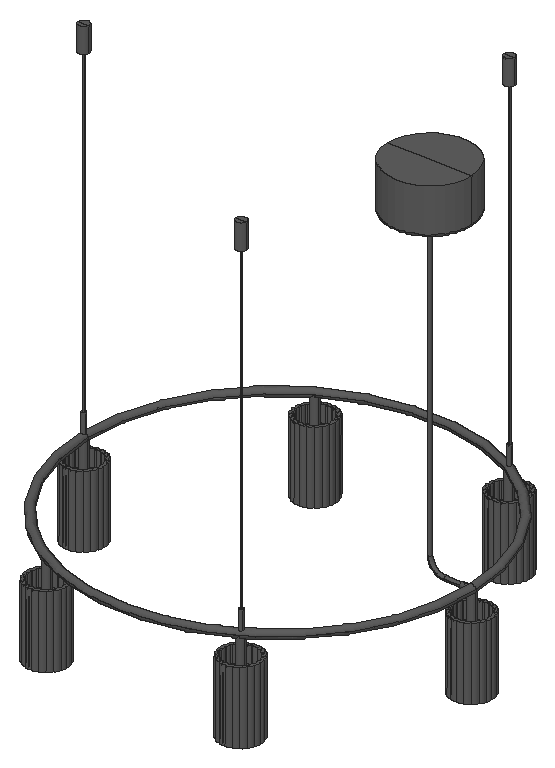
Revit family "Lighting_Pendants_Pholc_Donna_Circle-600", category Lighting Fixtures, host Ceiling, Revit 2017 (continued)
Definition of nested family "Donna_Circle_600"
  Dimensions and locks
    aligned and locked: plane 5 to curve 485
    aligned and locked: plane 7 to curve 485
    aligned and locked: plane 7 to curve 486
    aligned and locked: plane 5 to curve 486
    aligned and locked: plane 5 to Revolve 3  (x2)
    aligned and locked: plane 4 to curve 487
    aligned and locked: curve 496 to plane 6
    aligned and locked: plane 6 to curve 497
    aligned and locked: curve 494 to plane 4
    aligned and locked: plane 4 to Extrusion 9
  Automatic sketch dimensions
    Revolve 5 sketch curve to plane 3 "Center (Left/Right)" = 0 mm
    Revolve 5 sketch curve to plane 7 = 34 mm
    Revolve 5 sketch curve to plane 3 "Center (Left/Right)" = 300 mm
    Revolve 5 sketch curve to plane 7 = 50 mm
    Revolve 5 sketch curve to plane 7 = 20 mm
    Sweep 6 sketch curve to plane 7 = 9 mm
    plane 3 "Center (Left/Right)" to Sweep 6 sketch curve = 235 mm
    Sweep 6 sketch curve to Sweep 6 sketch curve = 25 mm
    Sweep 6 sketch curve to Sweep 6 sketch curve = 30 mm
    plane 1 "Center (Front/Back)" to Sweep 6 sketch curve = 0 mm
    Sweep 6 sketch curve to profile plane = 0 mm
    Revolve 7 sketch curve to plane 7 = 34 mm
    plane 3 "Center (Left/Right)" to Revolve 7 sketch curve = 285 mm
    Revolve 7 sketch curve to Revolve 7 sketch curve = 15 mm
    Revolve 7 sketch curve to Revolve 7 sketch curve = 4.286 mm
    Revolve 7 sketch curve to Revolve 7 sketch curve = 0 mm  (x2)
    Revolve 7 sketch curve to Revolve 7 sketch curve = 3.105 mm
    Sweep 8 sketch curve to plane 3 "Center (Left/Right)" = 0 mm
    curve 1 to curve 60 = 0 mm  (x2)
    curve 1 to curve 117 = 0 mm  (x2)
    curve 1 to curve 508 = 0 mm  (x2)
    curve 1 to curve 234 = 0 mm  (x2)
    curve 1 to curve 235 = 0 mm  (x2)
    curve 1 to curve 237 = 0 mm  (x2)
    curve 1 to curve 239 = 0 mm  (x2)
    curve 2 to curve 59 = 0 mm  (x2)
    curve 2 to curve 118 = 0 mm  (x2)
    curve 2 to curve 119 = 0 mm  (x2)
    curve 2 to curve 233 = 0 mm  (x2)
    curve 2 to curve 236 = 0 mm  (x2)
    curve 2 to curve 238 = 0 mm  (x2)
    curve 2 to curve 240 = 0 mm
    curve 3 to curve 22 = 0 mm  (x2)
    curve 4 to curve 57 = 0 mm  (x2)
    curve 5 to curve 55 = 0 mm  (x2)
    curve 6 to curve 53 = 0 mm  (x2)
    curve 7 to curve 51 = 0 mm  (x2)
    curve 9 to curve 49 = 0 mm  (x2)
    curve 10 to curve 47 = 0 mm  (x2)
    curve 11 to curve 45 = 0 mm  (x2)
    curve 12 to curve 43 = 0 mm  (x2)
    curve 13 to curve 41 = 0 mm  (x2)
    curve 14 to curve 39 = 0 mm  (x2)
    curve 15 to curve 37 = 0 mm  (x2)
    curve 16 to curve 35 = 0 mm  (x2)
    curve 17 to curve 33 = 0 mm  (x2)
    curve 18 to curve 30 = 0 mm  (x2)
    curve 19 to curve 28 = 0 mm  (x2)
    curve 20 to curve 26 = 0 mm  (x2)
    curve 21 to curve 24 = 0 mm  (x2)
    curve 61 to curve 80 = 0 mm  (x2)
    curve 62 to curve 115 = 0 mm  (x2)
    curve 63 to curve 113 = 0 mm  (x2)
    curve 64 to curve 111 = 0 mm  (x2)
    curve 65 to curve 109 = 0 mm  (x2)
    curve 67 to curve 107 = 0 mm  (x2)
    curve 68 to curve 105 = 0 mm  (x2)
    curve 69 to curve 103 = 0 mm  (x2)
    curve 70 to curve 101 = 0 mm  (x2)
    curve 71 to curve 99 = 0 mm  (x2)
    curve 72 to curve 97 = 0 mm  (x2)
    curve 73 to curve 95 = 0 mm  (x2)
    curve 74 to curve 93 = 0 mm  (x2)
    curve 75 to curve 91 = 0 mm  (x2)
    curve 77 to curve 86 = 0 mm  (x2)
    curve 78 to curve 84 = 0 mm  (x2)
    curve 79 to curve 82 = 0 mm  (x2)
    curve 121 to curve 140 = 0 mm  (x2)
    curve 122 to curve 175 = 0 mm  (x2)
    curve 123 to curve 173 = 0 mm  (x2)
    curve 124 to curve 171 = 0 mm  (x2)
    curve 125 to curve 169 = 0 mm  (x2)
    curve 127 to curve 167 = 0 mm  (x2)
    curve 128 to curve 165 = 0 mm  (x2)
    curve 129 to curve 163 = 0 mm  (x2)
    curve 130 to curve 161 = 0 mm  (x2)
    curve 131 to curve 159 = 0 mm  (x2)
    curve 132 to curve 157 = 0 mm  (x2)
    curve 133 to curve 155 = 0 mm  (x2)
    curve 134 to curve 153 = 0 mm  (x2)
    curve 135 to curve 151 = 0 mm  (x2)
    curve 136 to curve 148 = 0 mm  (x2)
    curve 137 to curve 146 = 0 mm  (x2)
    curve 138 to curve 144 = 0 mm  (x2)
    curve 139 to curve 142 = 0 mm  (x2)
    curve 177 to curve 196 = 0 mm  (x2)
    curve 178 to curve 231 = 0 mm  (x2)
    curve 179 to curve 229 = 0 mm  (x2)
    curve 180 to curve 227 = 0 mm  (x2)
    curve 181 to curve 225 = 0 mm  (x2)
    curve 183 to curve 223 = 0 mm  (x2)
    curve 184 to curve 221 = 0 mm  (x2)
    curve 185 to curve 219 = 0 mm  (x2)
    curve 186 to curve 217 = 0 mm  (x2)
    curve 187 to curve 215 = 0 mm  (x2)
    curve 188 to curve 213 = 0 mm  (x2)
    curve 189 to curve 211 = 0 mm  (x2)
    curve 190 to curve 209 = 0 mm  (x2)
    curve 193 to curve 202 = 0 mm  (x2)
    curve 194 to curve 200 = 0 mm  (x2)
    curve 195 to curve 198 = 0 mm  (x2)
    curve 236 to curve 237 = 0 mm
    curve 239 to curve 240 = 0 mm
    curve 241 to curve 290 = 0 mm  (x2)
    curve 242 to curve 288 = 0 mm  (x2)
    curve 243 to curve 286 = 0 mm  (x2)
    curve 244 to curve 284 = 0 mm  (x2)
    curve 245 to curve 282 = 0 mm  (x2)
    curve 246 to curve 280 = 0 mm  (x2)
    curve 247 to curve 278 = 0 mm  (x2)
    curve 248 to curve 276 = 0 mm  (x2)
    curve 250 to curve 274 = 0 mm  (x2)
    curve 251 to curve 272 = 0 mm  (x2)
    curve 252 to curve 270 = 0 mm  (x2)
    curve 253 to curve 268 = 0 mm  (x2)
    curve 254 to curve 266 = 0 mm  (x2)
    curve 255 to curve 264 = 0 mm  (x2)
    curve 256 to curve 262 = 0 mm  (x2)
    curve 257 to curve 296 = 0 mm  (x2)
    curve 259 to curve 294 = 0 mm  (x2)
    curve 260 to curve 292 = 0 mm  (x2)
    curve 297 to curve 321 = 0 mm  (x2)
    curve 298 to curve 319 = 0 mm  (x2)
    curve 299 to curve 317 = 0 mm  (x2)
    curve 300 to curve 315 = 0 mm  (x2)
    curve 301 to curve 313 = 0 mm  (x2)
    curve 302 to curve 311 = 0 mm  (x2)
    curve 303 to curve 309 = 0 mm  (x2)
    curve 304 to curve 307 = 0 mm  (x2)
    curve 305 to curve 325 = 0 mm  (x2)
    curve 306 to curve 323 = 0 mm  (x2)
    plane 1 "Center (Front/Back)" to curve 285 = 0 mm
    plane 1 "Center (Front/Back)" to curve 243 = 0 mm
    plane 1 "Center (Front/Back)" to curve 253 = 0 mm
    plane 1 "Center (Front/Back)" to curve 267 = 0 mm
    plane 1 "Center (Front/Back)" to curve 508 = 0 mm
    curve 508 to plane 3 "Center (Left/Right)" = 0 mm
    plane 1 "Center (Front/Back)" to curve 316 = 0 mm
    plane 1 "Center (Front/Back)" to curve 299 = 0 mm
    plane 11 to curve 152 = 46.716 mm
    plane 10 to curve 34 = 46.716 mm
    curve 154 to curve 152 = 1.468 mm
    curve 150 to curve 152 = 1.468 mm
    curve 32 to curve 34 = 1.468 mm
    curve 36 to curve 34 = 1.468 mm
    curve 153 to curve 154 = 2.679 mm
    curve 17 to curve 32 = 2.679 mm
    curve 151 to curve 150 = 2.679 mm
    curve 16 to curve 34 = 4.148 mm
    curve 31 to curve 32 = 4.261 mm
    curve 149 to curve 150 = 4.261 mm
    curve 156 to curve 154 = 4.261 mm
    curve 38 to curve 36 = 4.261 mm
    curve 133 to curve 156 = 0.949 mm
    curve 15 to curve 38 = 0.949 mm
    curve 132 to curve 156 = 5.762 mm
    curve 14 to curve 38 = 5.762 mm
    curve 18 to curve 31 = 5.762 mm
    curve 136 to curve 149 = 5.762 mm
    curve 29 to curve 30 = 0.875 mm
    curve 40 to curve 14 = 0.875 mm
    curve 158 to curve 132 = 0.875 mm
    curve 147 to curve 148 = 0.875 mm
    curve 41 to curve 40 = 5.751 mm
    curve 146 to curve 147 = 5.751 mm
    curve 19 to curve 29 = 5.751 mm
    curve 159 to curve 158 = 5.751 mm
    curve 27 to curve 28 = 2.612 mm
    curve 42 to curve 13 = 2.612 mm
    curve 145 to curve 146 = 2.612 mm
    curve 160 to curve 159 = 2.612 mm
    curve 138 to curve 145 = 5.176 mm
    curve 130 to curve 160 = 5.176 mm
    curve 43 to curve 42 = 5.176 mm
    curve 20 to curve 27 = 5.176 mm
    curve 44 to curve 43 = 4.095 mm
    curve 25 to curve 26 = 4.095 mm
    curve 143 to curve 144 = 4.095 mm
    curve 162 to curve 130 = 4.095 mm
    curve 24 to curve 25 = 4.095 mm
    curve 142 to curve 143 = 4.095 mm
    curve 11 to curve 44 = 4.095 mm
    curve 129 to curve 162 = 4.095 mm
    curve 46 to curve 45 = 5.176 mm
    curve 23 to curve 21 = 5.176 mm
    curve 141 to curve 139 = 5.176 mm
    curve 164 to curve 129 = 5.176 mm
    curve 121 to curve 141 = 2.612 mm
    curve 3 to curve 23 = 2.612 mm
    curve 165 to curve 164 = 2.612 mm
    curve 47 to curve 46 = 2.612 mm
    curve 58 to curve 22 = 5.751 mm
    curve 166 to curve 128 = 5.751 mm
    curve 48 to curve 10 = 5.751 mm
    curve 176 to curve 121 = 5.751 mm
    curve 9 to curve 48 = 0.875 mm
    curve 175 to curve 176 = 0.875 mm
    curve 167 to curve 166 = 0.875 mm
    curve 57 to curve 58 = 0.875 mm
    curve 5 to curve 4 = 4.813 mm
    curve 173 to curve 175 = 4.813 mm
    curve 8 to curve 9 = 4.813 mm
    curve 126 to curve 127 = 4.813 mm
    curve 56 to curve 55 = 0.949 mm
    curve 174 to curve 123 = 0.949 mm
    curve 7 to curve 8 = 2.531 mm
    curve 169 to curve 126 = 2.531 mm
    curve 124 to curve 169 = 0 mm
    curve 6 to curve 51 = 0 mm
    curve 50 to curve 7 = 2.679 mm
    curve 168 to curve 125 = 2.679 mm
    curve 172 to curve 171 = 2.679 mm
    curve 54 to curve 55 = 5.21 mm
    curve 52 to curve 6 = 4.148 mm
    curve 170 to curve 124 = 4.148 mm
    curve 269 to curve 267 = 1.468 mm
    curve 265 to curve 267 = 1.468 mm
    curve 266 to curve 265 = 2.679 mm
    curve 253 to curve 267 = 4.148 mm
    curve 263 to curve 265 = 4.261 mm
    curve 271 to curve 269 = 4.261 mm
    curve 255 to curve 265 = 5.21 mm
    curve 252 to curve 269 = 5.21 mm
    curve 272 to curve 271 = 5.762 mm
    curve 256 to curve 263 = 5.762 mm
    curve 273 to curve 251 = 0.875 mm
    curve 261 to curve 256 = 0.875 mm
    curve 274 to curve 273 = 5.751 mm
    curve 257 to curve 261 = 5.751 mm
    curve 275 to curve 274 = 2.612 mm
    curve 295 to curve 257 = 2.612 mm
    curve 249 to curve 275 = 5.176 mm
    curve 258 to curve 295 = 5.176 mm
    curve 259 to curve 258 = 8.189 mm
    curve 248 to curve 249 = 8.189 mm
    curve 277 to curve 248 = 5.176 mm
    curve 293 to curve 259 = 5.176 mm
    curve 292 to curve 293 = 2.612 mm
    curve 278 to curve 277 = 2.612 mm
    curve 291 to curve 260 = 5.751 mm
    curve 279 to curve 247 = 5.751 mm
    curve 246 to curve 279 = 0.875 mm
    curve 241 to curve 291 = 0.875 mm
    curve 282 to curve 246 = 4.813 mm
    curve 288 to curve 241 = 4.813 mm
    curve 289 to curve 242 = 0.949 mm
    curve 281 to curve 245 = 0.949 mm
    curve 243 to plane 8 = 5.828 mm
    plane 1 "Center (Front/Back)" to curve 244 = 4.095 mm
    curve 244 to plane 8 = 5.828 mm
    curve 287 to plane 8 = 3.149 mm
    curve 283 to plane 8 = 3.149 mm
    curve 285 to plane 8 = 1.681 mm
    curve 208 to curve 210 = 1.468 mm
    curve 92 to curve 94 = 1.468 mm
    curve 92 to curve 90 = 1.468 mm
    curve 208 to curve 206 = 1.468 mm
    curve 206 to curve 191 = 2.679 mm
    curve 94 to curve 93 = 2.679 mm
    curve 92 to curve 75 = 4.148 mm
    curve 208 to curve 190 = 4.148 mm
    curve 206 to curve 205 = 4.261 mm
    curve 94 to curve 96 = 4.261 mm
    curve 90 to curve 89 = 4.261 mm
    curve 210 to curve 212 = 4.261 mm
    curve 212 to curve 211 = 0.949 mm
    curve 94 to curve 73 = 5.21 mm
    curve 96 to curve 97 = 5.762 mm
    curve 89 to curve 88 = 5.762 mm
    curve 205 to curve 192 = 5.762 mm
    curve 212 to curve 213 = 5.762 mm
    curve 192 to curve 203 = 0.875 mm
    curve 88 to curve 87 = 0.875 mm
    curve 213 to curve 214 = 0.875 mm
    curve 97 to curve 98 = 0.875 mm
    curve 98 to curve 99 = 5.751 mm
    curve 214 to curve 215 = 5.751 mm
    curve 203 to curve 193 = 5.751 mm
    curve 87 to curve 77 = 5.751 mm
    curve 86 to curve 85 = 2.612 mm
    curve 71 to curve 100 = 2.612 mm
    curve 193 to curve 201 = 2.612 mm
    curve 215 to curve 216 = 2.612 mm
    curve 216 to curve 217 = 5.176 mm
    curve 100 to curve 70 = 5.176 mm
    curve 201 to curve 194 = 5.176 mm
    curve 85 to curve 78 = 5.176 mm
    curve 194 to curve 199 = 4.095 mm
    curve 70 to curve 102 = 4.095 mm
    curve 186 to curve 218 = 4.095 mm
    curve 84 to curve 83 = 4.095 mm
    curve 102 to curve 103 = 4.095 mm
    curve 83 to curve 82 = 4.095 mm
    curve 199 to curve 198 = 4.095 mm
    curve 218 to curve 219 = 4.095 mm
    curve 79 to curve 81 = 5.176 mm
    curve 195 to curve 197 = 5.176 mm
    curve 103 to curve 104 = 5.176 mm
    curve 219 to curve 220 = 5.176 mm
    curve 220 to curve 184 = 2.612 mm
    curve 197 to curve 177 = 2.612 mm
    curve 104 to curve 68 = 2.612 mm
    curve 81 to curve 61 = 2.612 mm
    curve 177 to curve 232 = 5.751 mm
    curve 61 to curve 116 = 5.751 mm
    curve 105 to curve 106 = 5.751 mm
    curve 221 to curve 222 = 5.751 mm
    curve 232 to curve 178 = 0.875 mm
    curve 222 to curve 183 = 0.875 mm
    curve 116 to curve 62 = 0.875 mm
    curve 106 to curve 107 = 0.875 mm
    curve 183 to curve 182 = 4.813 mm
    curve 107 to curve 66 = 4.813 mm
    curve 115 to curve 63 = 4.813 mm
    curve 178 to curve 229 = 4.813 mm
    curve 115 to curve 114 = 5.762 mm
    curve 178 to curve 230 = 5.762 mm
    curve 182 to curve 225 = 2.531 mm
    curve 63 to curve 64 = 2.531 mm
    curve 180 to curve 181 = 0 mm
    curve 66 to curve 65 = 2.531 mm
    curve 66 to curve 108 = 5.21 mm
    curve 180 to curve 228 = 2.679 mm
    curve 111 to curve 112 = 2.679 mm
    curve 182 to curve 224 = 5.21 mm
    curve 65 to curve 110 = 4.148 mm
    curve 180 to curve 226 = 4.148 mm
    curve 305 to curve 324 = 5.176 mm
    curve 304 to curve 308 = 5.176 mm
    curve 308 to curve 309 = 2.612 mm
    curve 324 to curve 323 = 2.612 mm
    curve 306 to curve 322 = 5.751 mm
    curve 303 to curve 310 = 5.751 mm
    curve 310 to curve 302 = 0.875 mm
    curve 322 to curve 297 = 0.875 mm
    curve 297 to curve 298 = 4.813 mm
    curve 302 to curve 313 = 4.813 mm
    curve 297 to curve 320 = 5.762 mm
    curve 302 to curve 312 = 5.762 mm
    curve 317 to plane 9 = 5.828 mm
    plane 1 "Center (Front/Back)" to curve 300 = 4.095 mm
    curve 300 to plane 9 = 5.828 mm
    curve 318 to plane 9 = 3.149 mm
    curve 314 to plane 9 = 3.149 mm
    curve 316 to plane 9 = 1.681 mm
    plane 11 to curve 226 = 46.716 mm
    plane 11 to curve 170 = 46.716 mm
    curve 207 to curve 208 = 4.095 mm
    curve 135 to curve 152 = 4.095 mm
    curve 171 to curve 170 = 4.095 mm
    curve 180 to curve 226 = 4.095 mm
    curve 228 to curve 180 = 5.176 mm
    curve 172 to curve 171 = 5.176 mm
    curve 206 to curve 191 = 5.176 mm
    curve 150 to curve 151 = 5.176 mm
    curve 179 to curve 228 = 2.612 mm
    curve 173 to curve 172 = 2.612 mm
    curve 230 to curve 179 = 5.751 mm
    curve 205 to curve 206 = 8.363 mm
    curve 174 to curve 123 = 5.751 mm
    curve 149 to curve 150 = 8.363 mm
    curve 148 to curve 149 = 0.875 mm
    curve 192 to curve 205 = 0.875 mm
    curve 175 to curve 174 = 0.875 mm
    curve 178 to curve 230 = 0.875 mm
    curve 140 to curve 122 = 4.813 mm
    curve 137 to curve 148 = 4.813 mm
    curve 177 to curve 231 = 4.813 mm
    curve 193 to curve 204 = 4.813 mm
    curve 203 to curve 202 = 0.949 mm
    curve 176 to curve 122 = 5.762 mm
    curve 147 to curve 137 = 0.949 mm
    curve 232 to curve 177 = 0.949 mm
    curve 144 to curve 146 = 2.531 mm
    curve 195 to curve 177 = 2.531 mm
    curve 200 to curve 193 = 2.531 mm
    curve 139 to curve 121 = 2.531 mm
    curve 141 to curve 121 = 5.21 mm
    curve 145 to curve 138 = 2.679 mm
    curve 201 to curve 193 = 5.21 mm
    curve 197 to curve 195 = 2.679 mm
    curve 143 to curve 144 = 4.148 mm
    curve 199 to curve 195 = 4.148 mm
    curve 208 to curve 190 = 4.095 mm
    curve 170 to curve 125 = 4.095 mm
    curve 152 to curve 134 = 4.095 mm
    curve 226 to curve 225 = 4.095 mm
    curve 125 to curve 168 = 5.176 mm
    curve 134 to curve 154 = 5.176 mm
    curve 181 to curve 224 = 5.176 mm
    curve 209 to curve 210 = 5.176 mm
    curve 154 to curve 133 = 2.612 mm
    curve 168 to curve 126 = 2.612 mm
    curve 210 to curve 211 = 2.612 mm
    curve 224 to curve 182 = 2.612 mm
    curve 155 to curve 156 = 5.751 mm
    curve 211 to curve 212 = 5.751 mm
    curve 126 to curve 127 = 6.625 mm
    curve 212 to curve 188 = 0.875 mm
    curve 182 to curve 183 = 6.625 mm
    curve 156 to curve 157 = 0.875 mm
    curve 223 to curve 221 = 4.813 mm
    curve 132 to curve 131 = 4.813 mm
    curve 213 to curve 215 = 4.813 mm
    curve 167 to curve 165 = 4.813 mm
    curve 223 to curve 222 = 5.762 mm
    curve 167 to curve 166 = 5.762 mm
    curve 132 to curve 158 = 5.762 mm
    curve 213 to curve 214 = 5.762 mm
    curve 187 to curve 186 = 2.531 mm
    curve 186 to curve 185 = 0 mm
    curve 159 to curve 161 = 2.531 mm
    curve 129 to curve 130 = 0 mm
    curve 219 to curve 220 = 2.679 mm
    curve 159 to curve 160 = 5.21 mm
    curve 128 to curve 164 = 5.21 mm
    curve 215 to curve 216 = 5.21 mm
    curve 185 to curve 218 = 4.148 mm
    curve 129 to curve 162 = 4.148 mm
    plane 1 "Center (Front/Back)" to curve 277 = 28.532 mm
    curve 277 to curve 275 = 0 mm
    curve 275 to curve 249 = 2.679 mm
    curve 308 to curve 307 = 2.679 mm
    curve 277 to curve 276 = 2.679 mm
    curve 277 to curve 279 = 4.261 mm
    curve 308 to curve 310 = 4.261 mm
    curve 275 to curve 273 = 4.261 mm
    curve 308 to curve 303 = 5.21 mm
    curve 277 to curve 247 = 5.21 mm
    curve 273 to curve 274 = 0.949 mm
    curve 273 to curve 272 = 5.762 mm
    curve 310 to curve 311 = 5.762 mm
    curve 279 to curve 280 = 5.762 mm
    curve 311 to curve 312 = 0.875 mm
    curve 272 to curve 271 = 0.875 mm
    curve 246 to curve 281 = 0.875 mm
    curve 281 to curve 282 = 5.751 mm
    curve 312 to curve 313 = 5.751 mm
    curve 271 to curve 252 = 5.751 mm
    curve 301 to curve 314 = 2.612 mm
    curve 270 to curve 269 = 2.612 mm
    curve 283 to curve 244 = 5.176 mm
    plane 1 "Center (Front/Back)" to curve 253 = 4.095 mm
    curve 299 to plane 1 "Center (Front/Back)" = 4.095 mm
    curve 266 to plane 1 "Center (Front/Back)" = 4.095 mm
    curve 243 to plane 1 "Center (Front/Back)" = 4.095 mm
    curve 299 to curve 318 = 5.176 mm
    curve 266 to curve 265 = 5.176 mm
    curve 243 to curve 287 = 5.176 mm
    curve 287 to curve 288 = 2.612 mm
    curve 318 to curve 319 = 2.612 mm
    curve 265 to curve 255 = 2.612 mm
    curve 298 to curve 320 = 5.751 mm
    curve 264 to curve 263 = 5.751 mm
    curve 242 to curve 289 = 5.751 mm
    curve 289 to curve 290 = 0.875 mm
    curve 320 to curve 321 = 0.875 mm
    curve 263 to curve 256 = 0.875 mm
    curve 256 to curve 257 = 4.813 mm
    curve 241 to curve 292 = 4.813 mm
    curve 297 to curve 323 = 4.813 mm
    curve 306 to curve 322 = 0.949 mm
    curve 257 to curve 261 = 0.949 mm
    curve 241 to curve 291 = 5.762 mm
    curve 260 to curve 259 = 2.531 mm
    curve 306 to curve 305 = 2.531 mm
    curve 294 to curve 258 = 0 mm
    curve 257 to curve 295 = 5.21 mm
    curve 260 to curve 293 = 5.21 mm
    curve 305 to curve 324 = 2.679 mm
    curve 44 to curve 34 = 30 mm
    curve 102 to curve 92 = 30 mm
    curve 102 to curve 100 = 1.468 mm
    curve 44 to curve 42 = 1.468 mm
    curve 44 to curve 46 = 1.468 mm
    curve 102 to curve 104 = 1.468 mm
    curve 44 to curve 43 = 4.148 mm
    curve 44 to curve 45 = 4.148 mm
    curve 102 to curve 70 = 4.148 mm
    curve 102 to curve 69 = 4.148 mm
    curve 46 to curve 48 = 4.261 mm
    curve 42 to curve 40 = 4.261 mm
    curve 100 to curve 98 = 4.261 mm
    curve 104 to curve 106 = 4.261 mm
    curve 98 to curve 99 = 0.949 mm
    curve 104 to curve 68 = 5.21 mm
    curve 46 to curve 47 = 5.21 mm
    curve 42 to curve 13 = 5.21 mm
    curve 40 to curve 39 = 5.762 mm
    curve 48 to curve 49 = 5.762 mm
    curve 106 to curve 107 = 5.762 mm
    curve 98 to curve 97 = 5.762 mm
    curve 14 to curve 38 = 0.875 mm
    curve 72 to curve 96 = 0.875 mm
    curve 9 to curve 8 = 6.625 mm
    curve 96 to curve 73 = 5.751 mm
    curve 38 to curve 37 = 5.751 mm
    curve 107 to curve 66 = 6.625 mm
    curve 8 to curve 50 = 2.612 mm
    curve 37 to curve 36 = 2.612 mm
    curve 66 to curve 108 = 2.612 mm
    curve 73 to curve 94 = 2.612 mm
    curve 50 to curve 51 = 5.176 mm
    curve 108 to curve 109 = 5.176 mm
    curve 94 to curve 74 = 5.176 mm
    curve 35 to curve 34 = 4.095 mm
    curve 51 to curve 52 = 4.095 mm
    curve 65 to curve 110 = 4.095 mm
    curve 34 to curve 17 = 4.095 mm
    curve 110 to curve 64 = 4.095 mm
    curve 52 to curve 53 = 4.095 mm
    curve 92 to curve 75 = 4.095 mm
    curve 91 to curve 90 = 5.176 mm
    curve 53 to curve 54 = 5.176 mm
    curve 17 to curve 32 = 5.176 mm
    curve 111 to curve 112 = 5.176 mm
    curve 112 to curve 113 = 2.612 mm
    curve 54 to curve 55 = 2.612 mm
    curve 55 to curve 56 = 5.751 mm
    curve 113 to curve 114 = 5.751 mm
    curve 90 to curve 89 = 8.363 mm
    curve 32 to curve 31 = 8.363 mm
    curve 56 to curve 4 = 0.875 mm
    curve 31 to curve 30 = 0.875 mm
    curve 114 to curve 115 = 0.875 mm
    curve 89 to curve 76 = 0.875 mm
    curve 4 to curve 3 = 4.813 mm
    curve 30 to curve 19 = 4.813 mm
    curve 62 to curve 80 = 4.813 mm
    curve 88 to curve 86 = 4.813 mm
    curve 62 to curve 116 = 5.762 mm
    curve 19 to curve 29 = 0.949 mm
    curve 77 to curve 87 = 0.949 mm
    curve 4 to curve 58 = 5.762 mm
    curve 86 to curve 78 = 2.531 mm
    curve 84 to curve 79 = 0 mm
    curve 3 to curve 21 = 2.531 mm
    curve 28 to curve 20 = 2.531 mm
    curve 20 to curve 27 = 2.679 mm
    curve 3 to curve 23 = 5.21 mm
    curve 79 to curve 81 = 2.679 mm
    curve 78 to curve 85 = 2.679 mm
    curve 79 to curve 83 = 4.148 mm
    curve 21 to curve 25 = 4.148 mm
    curve 17 to curve 34 = 0 mm
    curve 135 to curve 152 = 0 mm
    curve 150 to curve 135 = 0.729 mm
    curve 32 to curve 118 = 0.729 mm
    curve 15 to curve 36 = 0 mm
    curve 133 to curve 154 = 0 mm
    curve 16 to curve 35 = 1.301 mm
    curve 135 to curve 151 = 1.301 mm
    curve 134 to curve 152 = 1.301 mm
    curve 34 to curve 35 = 0 mm
    curve 33 to curve 34 = 0 mm
    curve 153 to curve 152 = 0 mm
    curve 150 to curve 151 = 0 mm
    curve 36 to curve 35 = 0 mm
    curve 154 to curve 153 = 0 mm
    curve 32 to curve 33 = 0 mm
    curve 32 to curve 33 = 1.442 mm
    curve 37 to curve 36 = 0 mm
    curve 155 to curve 154 = 0 mm
    curve 133 to curve 156 = 0 mm
    curve 15 to curve 38 = 0 mm
    curve 234 to curve 149 = 0.059 mm
    curve 60 to curve 31 = 0.059 mm
    curve 156 to curve 155 = 0 mm
    curve 38 to curve 37 = 0 mm
    curve 39 to curve 38 = 0 mm
    curve 136 to curve 149 = 1.808 mm
    curve 18 to curve 30 = 1.808 mm
    curve 148 to curve 149 = 0 mm
    curve 157 to curve 156 = 0 mm
    curve 31 to curve 30 = 0 mm
    curve 149 to curve 148 = 0.036 mm
    curve 29 to curve 30 = 0 mm
    curve 147 to curve 148 = 0 mm
    curve 158 to curve 157 = 0 mm
    curve 40 to curve 39 = 0 mm
    curve 132 to curve 158 = 0 mm
    curve 14 to curve 40 = 0 mm
    curve 19 to curve 29 = 0 mm
    curve 136 to curve 147 = 0 mm
    curve 146 to curve 147 = 0 mm
    curve 28 to curve 29 = 0 mm
    curve 159 to curve 158 = 0 mm
    curve 41 to curve 40 = 0 mm
    curve 145 to curve 146 = 0 mm
    curve 42 to curve 41 = 0 mm
    curve 27 to curve 28 = 0 mm
    curve 160 to curve 159 = 0 mm
    curve 19 to curve 27 = 0 mm
    curve 12 to curve 42 = 0 mm
    curve 138 to curve 145 = 0 mm
    curve 130 to curve 160 = 0 mm
    curve 144 to curve 145 = 0 mm
    curve 43 to curve 42 = 0 mm
    curve 161 to curve 160 = 0 mm
    curve 26 to curve 27 = 0 mm
    curve 162 to curve 161 = 0 mm
    curve 25 to curve 26 = 0 mm
    curve 143 to curve 144 = 0 mm
    curve 44 to curve 43 = 0 mm
    curve 12 to curve 44 = 0 mm
    curve 21 to curve 25 = 0 mm
    curve 129 to curve 162 = 0 mm
    curve 138 to curve 143 = 0 mm
    curve 142 to curve 143 = 0 mm
    curve 45 to curve 44 = 0 mm
    curve 163 to curve 162 = 0 mm
    curve 24 to curve 25 = 0 mm
    curve 141 to curve 142 = 0 mm
    curve 164 to curve 163 = 0 mm
    curve 23 to curve 24 = 0 mm
    curve 46 to curve 45 = 0 mm
    curve 21 to curve 23 = 0 mm
    curve 121 to curve 141 = 0 mm
    curve 128 to curve 164 = 0 mm
    curve 11 to curve 46 = 0 mm
    curve 47 to curve 46 = 0 mm
    curve 140 to curve 141 = 0 mm
    curve 165 to curve 164 = 0 mm
    curve 22 to curve 23 = 0 mm
    curve 166 to curve 165 = 0 mm
    curve 58 to curve 22 = 0 mm
    curve 48 to curve 47 = 0 mm
    curve 176 to curve 140 = 0 mm
    curve 128 to curve 166 = 0 mm
    curve 121 to curve 176 = 0 mm
    curve 9 to curve 48 = 0 mm
    curve 3 to curve 58 = 0 mm
    curve 57 to curve 58 = 0 mm
    curve 49 to curve 48 = 0 mm
    curve 175 to curve 176 = 0 mm
    curve 167 to curve 166 = 0 mm
    curve 56 to curve 57 = 0 mm
    curve 174 to curve 175 = 0 mm
    curve 173 to curve 174 = 0 mm
    curve 55 to curve 56 = 0 mm
    curve 123 to curve 174 = 0 mm
    curve 5 to curve 56 = 0 mm
    curve 50 to curve 50 = 3.797 mm
    curve 168 to curve 168 = 3.797 mm
    curve 172 to curve 173 = 0 mm
    curve 54 to curve 55 = 0 mm
    curve 53 to curve 54 = 0 mm
    curve 171 to curve 172 = 0 mm
    curve 169 to curve 168 = 0 mm
    curve 51 to curve 50 = 0 mm
    curve 170 to curve 169 = 0 mm
    curve 52 to curve 53 = 0 mm
    curve 124 to curve 172 = 0 mm
    curve 5 to curve 54 = 0 mm
    curve 125 to curve 168 = 0 mm
    curve 7 to curve 50 = 0 mm
    curve 60 to curve 7 = 0.566 mm
    curve 126 to curve 125 = 0.566 mm
    curve 254 to curve 267 = 0 mm
    curve 253 to curve 269 = 0 mm
    curve 255 to curve 265 = 0 mm
    curve 268 to curve 267 = 1.301 mm
    curve 266 to curve 267 = 0 mm
    curve 268 to curve 267 = 0 mm
    curve 265 to curve 266 = 0 mm
    curve 269 to curve 268 = 0 mm
    curve 270 to curve 269 = 0 mm
    curve 264 to curve 265 = 0 mm
    curve 255 to curve 263 = 0 mm
    curve 252 to curve 271 = 0 mm
    curve 263 to curve 264 = 0 mm
    curve 271 to curve 270 = 0 mm
    curve 262 to curve 263 = 0 mm
    curve 272 to curve 271 = 0 mm
    curve 273 to curve 272 = 0 mm
    curve 261 to curve 262 = 0 mm
    curve 256 to curve 261 = 0 mm
    curve 250 to curve 273 = 0 mm
    curve 296 to curve 261 = 0 mm
    curve 274 to curve 273 = 0 mm
    curve 295 to curve 296 = 0 mm
    curve 275 to curve 274 = 0 mm
    curve 249 to curve 275 = 0 mm
    curve 258 to curve 295 = 0 mm
    curve 259 to curve 294 = 0.262 mm
    curve 248 to curve 248 = 0.262 mm
    curve 276 to curve 248 = 0.662 mm
    curve 294 to curve 259 = 0.662 mm
    curve 277 to curve 276 = 0 mm
    curve 293 to curve 294 = 0 mm
    curve 248 to curve 277 = 0 mm
    curve 259 to curve 293 = 0 mm
    curve 278 to curve 277 = 0 mm
    curve 292 to curve 293 = 0 mm
    curve 279 to curve 278 = 0 mm
    curve 291 to curve 292 = 0 mm
    curve 241 to curve 291 = 0 mm
    curve 246 to curve 279 = 0 mm
    curve 280 to curve 279 = 0 mm
    curve 290 to curve 291 = 0 mm
    curve 281 to curve 280 = 0 mm
    curve 289 to curve 290 = 0 mm
    curve 288 to curve 289 = 0 mm
    curve 282 to curve 281 = 0 mm
    curve 241 to curve 289 = 0 mm
    curve 245 to curve 281 = 0 mm
    curve 287 to curve 288 = 0 mm
    curve 283 to curve 282 = 0 mm
    curve 284 to curve 283 = 0 mm
    curve 286 to curve 287 = 0 mm
    curve 285 to curve 286 = 0 mm
    curve 242 to curve 287 = 0 mm
    curve 191 to curve 208 = 0 mm
    curve 75 to curve 92 = 0 mm
    curve 236 to curve 206 = 0.729 mm
    curve 75 to curve 90 = 0.729 mm
    curve 189 to curve 210 = 0 mm
    curve 73 to curve 94 = 0 mm
    curve 207 to curve 191 = 1.301 mm
    curve 208 to curve 207 = 0 mm
    curve 92 to curve 75 = 1.301 mm
    curve 93 to curve 92 = 0 mm
    curve 209 to curve 208 = 0 mm
    curve 91 to curve 92 = 0 mm
    curve 210 to curve 209 = 0 mm
    curve 90 to curve 91 = 0 mm
    curve 206 to curve 207 = 0 mm
    curve 94 to curve 93 = 0 mm
    curve 211 to curve 210 = 0 mm
    curve 95 to curve 94 = 0 mm
    curve 72 to curve 96 = 0 mm
    curve 188 to curve 212 = 0 mm
    curve 89 to curve 117 = 0.059 mm
    curve 205 to curve 235 = 0.059 mm
    curve 96 to curve 95 = 0 mm
    curve 212 to curve 211 = 0 mm
    curve 213 to curve 212 = 0 mm
    curve 97 to curve 96 = 0 mm
    curve 204 to curve 192 = 1.808 mm
    curve 89 to curve 76 = 1.808 mm
    curve 88 to curve 89 = 0 mm
    curve 205 to curve 204 = 0 mm
    curve 98 to curve 97 = 0 mm
    curve 203 to curve 204 = 0 mm
    curve 214 to curve 213 = 0 mm
    curve 87 to curve 88 = 0 mm
    curve 193 to curve 203 = 0 mm
    curve 72 to curve 98 = 0 mm
    curve 76 to curve 87 = 0 mm
    curve 187 to curve 214 = 0 mm
    curve 215 to curve 214 = 0 mm
    curve 86 to curve 87 = 0 mm
    curve 202 to curve 203 = 0 mm
    curve 99 to curve 98 = 0 mm
    curve 216 to curve 215 = 0 mm
    curve 201 to curve 202 = 0 mm
    curve 100 to curve 99 = 0 mm
    curve 85 to curve 86 = 0 mm
    curve 194 to curve 201 = 0 mm
    curve 187 to curve 216 = 0 mm
    curve 71 to curve 100 = 0 mm
    curve 77 to curve 85 = 0 mm
    curve 101 to curve 100 = 0 mm
    curve 217 to curve 216 = 0 mm
    curve 200 to curve 201 = 0 mm
    curve 84 to curve 85 = 0 mm
    curve 218 to curve 217 = 0 mm
    curve 83 to curve 84 = 0 mm
    curve 199 to curve 200 = 0 mm
    curve 102 to curve 101 = 0 mm
    curve 70 to curve 102 = 0 mm
    curve 78 to curve 83 = 0 mm
    curve 194 to curve 199 = 0 mm
    curve 186 to curve 218 = 0 mm
    curve 82 to curve 83 = 0 mm
    curve 219 to curve 218 = 0 mm
    curve 198 to curve 199 = 0 mm
    curve 103 to curve 102 = 0 mm
    curve 104 to curve 103 = 0 mm
    curve 81 to curve 82 = 0 mm
    curve 220 to curve 219 = 0 mm
    curve 197 to curve 198 = 0 mm
    curve 184 to curve 220 = 0 mm
    curve 177 to curve 197 = 0 mm
    curve 79 to curve 81 = 0 mm
    curve 69 to curve 104 = 0 mm
    curve 80 to curve 81 = 0 mm
    curve 221 to curve 220 = 0 mm
    curve 105 to curve 104 = 0 mm
    curve 196 to curve 197 = 0 mm
    curve 116 to curve 80 = 0 mm
    curve 106 to curve 105 = 0 mm
    curve 222 to curve 221 = 0 mm
    curve 232 to curve 196 = 0 mm
    curve 62 to curve 116 = 0 mm
    curve 183 to curve 222 = 0 mm
    curve 177 to curve 232 = 0 mm
    curve 67 to curve 106 = 0 mm
    curve 107 to curve 106 = 0 mm
    curve 115 to curve 116 = 0 mm
    curve 231 to curve 232 = 0 mm
    curve 223 to curve 222 = 0 mm
    curve 230 to curve 231 = 0 mm
    curve 114 to curve 115 = 0 mm
    curve 113 to curve 114 = 0 mm
    curve 229 to curve 230 = 0 mm
    curve 178 to curve 230 = 0 mm
    curve 63 to curve 114 = 0 mm
    curve 108 to curve 108 = 3.797 mm
    curve 224 to curve 224 = 3.797 mm
    curve 228 to curve 229 = 0 mm
    curve 112 to curve 113 = 0 mm
    curve 227 to curve 228 = 0 mm
    curve 225 to curve 224 = 0 mm
    curve 111 to curve 112 = 0 mm
    curve 109 to curve 108 = 0 mm
    curve 110 to curve 109 = 0 mm
    curve 226 to curve 225 = 0 mm
    curve 64 to curve 112 = 0 mm
    curve 182 to curve 224 = 0 mm
    curve 179 to curve 228 = 0 mm
    curve 66 to curve 108 = 0 mm
    curve 65 to curve 330 = 0.566 mm
    curve 224 to curve 507 = 0.566 mm
    curve 304 to curve 304 = 0.262 mm
    curve 305 to curve 305 = 0.262 mm
    curve 304 to curve 307 = 0.662 mm
    curve 305 to curve 325 = 0.662 mm
    curve 308 to curve 307 = 0 mm
    curve 324 to curve 325 = 0 mm
    curve 306 to curve 324 = 0 mm
    curve 304 to curve 308 = 0 mm
    curve 309 to curve 308 = 0 mm
    curve 323 to curve 324 = 0 mm
    curve 322 to curve 323 = 0 mm
    curve 310 to curve 309 = 0 mm
    curve 302 to curve 310 = 0 mm
    curve 297 to curve 322 = 0 mm
    curve 311 to curve 310 = 0 mm
    curve 321 to curve 322 = 0 mm
    curve 320 to curve 321 = 0 mm
    curve 312 to curve 311 = 0 mm
    curve 319 to curve 320 = 0 mm
    curve 313 to curve 312 = 0 mm
    curve 298 to curve 320 = 0 mm
    curve 302 to curve 312 = 0 mm
    curve 318 to curve 319 = 0 mm
    curve 314 to curve 313 = 0 mm
    curve 315 to curve 314 = 0 mm
    curve 317 to curve 318 = 0 mm
    curve 316 to curve 315 = 0 mm
    curve 300 to curve 314 = 0 mm
    curve 1 to curve 326 = 0 mm  (x2)
    curve 1 to curve 2 = 0 mm
    curve 1 to curve 327 = 0 mm  (x2)
    curve 1 to curve 328 = 0 mm  (x2)
    curve 1 to curve 329 = 0 mm  (x2)
    curve 1 to curve 330 = 0 mm  (x2)
    curve 1 to curve 331 = 0 mm  (x2)
    curve 1 to curve 332 = 0 mm  (x2)
    plane 1 "Center (Front/Back)" to curve 304 = 25.852 mm
    curve 304 to curve 301 = 24.437 mm
    curve 325 to curve 318 = 24.437 mm
    curve 331 to curve 305 = 11.939 mm
    plane 1 "Center (Front/Back)" to curve 333 = 0 mm
    curve 333 to curve 240 = 57.417 mm
    curve 333 to curve 331 = 57.417 mm
    curve 367 to curve 368 = 0 mm  (x2)
    curve 367 to curve 376 = 0 mm  (x2)
    curve 368 to curve 376 = 0 mm  (x2)
    curve 393 to curve 395 = 0 mm  (x2)
    curve 418 to curve 419 = 0 mm  (x2)
    curve 334 to level = 0 mm
    plane 8 to curve 334 = 0 mm
    curve 397 to plane 4 = 0 mm
    curve 343 to level = 0 mm
    curve 350 to level = 0 mm
    curve 403 to plane 4 = 0 mm
    curve 384 to plane 7 = 0 mm
    curve 415 to plane 4 = 0 mm
    curve 410 to plane 6 = 0 mm
    curve 359 to level = 0 mm
    curve 362 to plane 9 = 0 mm
    curve 396 to plane 8 = 23.681 mm
    curve 337 to plane 8 = 25.681 mm
    curve 370 to plane 8 = 28.681 mm
    curve 369 to curve 372 = 2 mm
    curve 367 to curve 378 = 6.001 mm
    curve 381 to curve 400 = 2 mm
    curve 372 to curve 371 = 2 mm
    curve 367 to curve 374 = 5.999 mm
    curve 396 to curve 397 = 16 mm
    curve 338 to curve 336 = 25.681 mm
    curve 336 to curve 342 = 86.737 mm
    curve 342 to curve 374 = 25.681 mm
    curve 345 to curve 375 = 12 mm
    curve 342 to curve 344 = 63.361 mm
    plane 3 "Center (Left/Right)" to curve 350 = 119.221 mm
    plane 3 "Center (Left/Right)" to curve 403 = 142.902 mm
    curve 350 to curve 357 = 25.681 mm
    curve 353 to curve 377 = 3 mm
    curve 383 to curve 388 = 2 mm
    curve 384 to curve 387 = 2 mm
    curve 386 to curve 387 = 2 mm
    curve 353 to curve 355 = 12 mm
    curve 402 to curve 404 = 16 mm
    curve 403 to curve 415 = 11.098 mm
    curve 409 to curve 409 = 2 mm
    curve 350 to curve 351 = 63.361 mm
    curve 409 to curve 413 = 60 mm
    curve 410 to curve 417 = 6 mm
    curve 414 to curve 421 = 1.432 mm
    curve 391 to curve 420 = 9.476 mm
    curve 418 to curve 364 = 19.411 mm
    curve 358 to curve 361 = 25.681 mm
    curve 416 to plane 9 = 33.681 mm
    curve 361 to curve 392 = 5.999 mm
    curve 415 to plane 9 = 31.681 mm
    curve 342 to plane 7 = 65 mm
    curve 341 to plane 7 = 65 mm
    curve 363 to plane 7 = 65 mm
    curve 350 to plane 7 = 65 mm
    curve 353 to curve 353 = 24.999 mm
    Revolve 1 sketch curve to plane 4 = 0 mm
    Revolve 1 sketch curve to plane 8 = 23.681 mm
    Revolve 1 sketch curve to plane 8 = 28.681 mm
    Revolve 1 sketch curve to Revolve 1 sketch curve = 8 mm
    Revolve 1 sketch curve to Revolve 1 sketch curve = 3 mm
    Revolve 1 sketch curve to Revolve 1 sketch curve = 0 mm
    Revolve 1 sketch curve to Revolve 1 sketch curve = 5.857 mm
    Revolve 2 sketch curve to plane 7 = 0 mm
    Revolve 2 sketch curve to plane 4 = 0 mm
    plane 3 "Center (Left/Right)" to Revolve 2 sketch curve = 142.902 mm
    plane 3 "Center (Left/Right)" to Revolve 2 sketch curve = 147.902 mm
    Revolve 2 sketch curve to Revolve 2 sketch curve = 8 mm
    Revolve 2 sketch curve to Revolve 2 sketch curve = 3 mm
    Revolve 2 sketch curve to Revolve 2 sketch curve = 0 mm
    Revolve 2 sketch curve to Revolve 2 sketch curve = 5.857 mm
    Revolve 3 sketch curve to plane 4 = 0 mm  (x2)
    Revolve 3 sketch curve to plane 5 = 0 mm
    plane 3 "Center (Left/Right)" to Revolve 3 sketch curve = 142.902 mm
    plane 3 "Center (Left/Right)" to Revolve 3 sketch curve = 147.902 mm
    Revolve 3 sketch curve to Revolve 3 sketch curve = 8 mm
    Revolve 3 sketch curve to Revolve 3 sketch curve = 3 mm
    Revolve 3 sketch curve to Revolve 3 sketch curve = 0 mm
    Revolve 3 sketch curve to Revolve 3 sketch curve = 5.857 mm
    Revolve 4 sketch curve to plane 4 = 0 mm  (x2)
    Revolve 4 sketch curve to plane 6 = 0 mm
    plane 6 to Revolve 4 sketch curve = 2 mm
    Revolve 4 sketch curve to plane 9 = 161.681 mm
    Revolve 4 sketch curve to Revolve 4 sketch curve = 65 mm
    Revolve 4 sketch curve to Revolve 4 sketch curve = 0 mm
    Revolve 4 sketch curve to plane 4 = 11.813 mm
    curve 440 to level = 0 mm
    curve 433 to level = 0 mm
    curve 424 to level = 0 mm
    curve 478 to plane 4 = 0 mm
    plane 11 to curve 452 = 6.001 mm
    plane 11 to curve 440 = 15.035 mm
    plane 11 to curve 487 = 38.716 mm
    curve 441 to curve 444 = 25.681 mm
    curve 445 to curve 466 = 3 mm
    curve 490 to curve 486 = 7 mm
    curve 483 to curve 483 = 2 mm
    curve 464 to curve 464 = 2 mm
    curve 443 to curve 442 = 12 mm
    curve 485 to curve 489 = 7 mm
    curve 440 to curve 440 = 63.361 mm
    plane 6 to curve 495 = 2 mm
    plane 1 "Center (Front/Back)" to curve 495 = 65 mm
    plane 1 "Center (Front/Back)" to curve 436 = 31.681 mm
    plane 1 "Center (Front/Back)" to curve 435 = 6 mm
    plane 1 "Center (Front/Back)" to curve 474 = 3 mm
    curve 459 to plane 1 "Center (Front/Back)" = 3 mm
    curve 456 to plane 1 "Center (Front/Back)" = 6 mm
    curve 430 to curve 431 = 25.681 mm
    plane 6 to curve 498 = 2 mm
    curve 473 to curve 498 = 60 mm
    plane 10 to curve 428 = 78.397 mm
    plane 10 to curve 478 = 54.716 mm
    curve 425 to curve 428 = 25.681 mm
    curve 429 to curve 451 = 3 mm
    curve 451 to curve 472 = 2 mm
    curve 470 to curve 469 = 2 mm
    curve 450 to curve 450 = 2 mm
    curve 427 to curve 426 = 12 mm
    curve 469 to curve 477 = 7 mm
    plane 10 to curve 424 = 15.035 mm
    plane 10 to curve 447 = 6.001 mm
    curve 428 to plane 7 = 65 mm
    curve 444 to plane 7 = 65 mm
    curve 430 to plane 7 = 65 mm
    curve 438 to curve 442 = 24.999 mm
    curve 453 to curve 452 = 6.001 mm
    plane 1 "Center (Front/Back)" to curve 476 = 1 mm
    curve 475 to plane 1 "Center (Front/Back)" = 1 mm
    Extrusion 9 sketch curve to plane 8 = 0 mm
    Extrusion 9 sketch curve to plane 9 = 0 mm
    Extrusion 9 sketch curve to plane 11 = 0 mm
    plane 10 to Extrusion 9 sketch curve = 0 mm
    curve 1 to curve 506 = 0 mm  (x2)
    curve 503 to curve 295 = 7.081 mm
    curve 504 to curve 108 = 23.735 mm
    curve 505 to curve 224 = 8.012 mm
    curve 108 to curve 504 = 8.012 mm
    curve 238 to curve 505 = 7.569 mm
    curve 1 to curve 507 = 0 mm  (x2)
    curve 505 to curve 507 = 7.613 mm
    curve 238 to curve 506 = 9.054 mm
    curve 223 to curve 223 = 1.587 mm
    curve 237 to curve 507 = 9.237 mm
    curve 1 to curve 120 = 0 mm  (x2)
    curve 192 to curve 204 = 0 mm  (x2)
    curve 245 to curve 503 = 23.322 mm
    curve 504 to curve 120 = 7.613 mm
    curve 1 to curve 509 = 0 mm  (x2)
    curve 504 to curve 119 = 1.486 mm
    curve 509 to curve 119 = 9.054 mm
    curve 67 to curve 107 = 1.587 mm
    plane 1 "Center (Front/Back)" to curve 503 = 0 mm
    curve 191 to curve 207 = 0 mm  (x2)
    curve 170 to plane 3 "Center (Left/Right)" = 179.902 mm
    curve 1 to curve 510 = 0 mm  (x2)
    curve 243 to curve 285 = 0 mm
    curve 1 to curve 511 = 0 mm  (x2)
    curve 76 to curve 88 = 0 mm  (x2)
    curve 242 to curve 289 = 4.261 mm
    radius of Revolve 5 sketch curve = 6.001 mm
    radius of Sweep 6 sketch curve = 3 mm
    radius of curve 333 = 65 mm
    radius of curve 505 = 8 mm
    radius of curve 504 = 8 mm
    radius of curve 503 = 8 mm
  Nested families
    nested 1: "Donna_LightSource" at (-300, 0, 0), Metal <- "Metal", type "Donna_LightSource", detail levels medium+fine
      with Metal none
    nested 2: "Donna_LightSource" at (300, 0, 0) x (-1, 0, 0) z (0, 0, 1), Metal <- "Metal", type "Donna_LightSource", detail levels medium+fine
      with Metal none
    nested 3: "Donna_LightSource" at (-149.902, 259.285, 0), Metal <- "Metal", type "Donna_LightSource", detail levels medium+fine
      with Metal none
    nested 4: "Donna_LightSource" at (-149.902, -259.285, 0), Metal <- "Metal", type "Donna_LightSource", detail levels medium+fine
      with Metal none
    nested 5: "Donna_LightSource" at (149.902, -259.285, 0) x (-1, 0, 0) z (0, 0, 1), Metal <- "Metal", type "Donna_LightSource", detail levels medium+fine
      with Metal none
    nested 6: "Donna_LightSource" at (149.902, 259.285, 0) x (-1, 0, 0) z (0, 0, 1), Metal <- "Metal", type "Donna_LightSource", detail levels medium+fine
      with Metal none
  Definition of nested family "Donna_LightSource"
    Parameters (values of type "Donna_LightSource")
      Wattage = 9.2903 W
      built-in parameter 1150110 = 1 (stored number, unit not read)
      built-in parameter 1114217 = 1 (stored number, unit not read)
      Tilt Angle = 90.00°
      built-in parameter 1150109 = 1 (stored number, unit not read)
      built-in parameter 1150134 = (empty or 0)
      built-in parameter 1150113 = 1 (stored number, unit not read)
      built-in parameter 1010507 = 1.5708 (stored number, unit not read)
      built-in parameter 1010506 = 0.5236 (stored number, unit not read)
      Metal [instance] = none
      Lumens = 1380 lm
      built-in parameter 1150115 = 1 (stored number, unit not read)
      built-in parameter 1150105 = 4614.1 (stored number, unit not read)
      Light Source Symbol Length = 1000 mm
      built-in parameter 1150137 = (empty or 0)
      built-in parameter 1150139 = (empty or 0)
      built-in parameter 1150112 = 1 (stored number, unit not read)
      built-in parameter 1150114 = 1 (stored number, unit not read)
      built-in parameter 1150132 = 2
      built-in parameter 1150102 = (empty or 0)
      built-in parameter 1150138 = (empty or 0)
      built-in parameter 1150107 = 3000 (stored number, unit not read)
      built-in parameter 1150106 = 46.141 (stored number, unit not read)
      built-in parameter 1150104 = 13.8 (stored number, unit not read)
      Dimming Lamp Color Temperature Shift = (empty or 0)
      Color Filter = 16777215
      built-in parameter 1114218 = 1 (stored number, unit not read)
      built-in parameter 1150133 = 10 (stored number, unit not read)
    Reference planes
      plane 1 "Light Source Axis (F/B)": y = 0
      plane 2: z = 0
      plane 3 "Light Source Axis (L/R)": x = 0
      plane 4 "Light Source Elevation": z = 84
    Forms (mm)
      Revolve 1, solid, material <- "Metal"
        sketch origin (0, 0, 0) x (1, 0, 0) y (0, 0, 1)
          loop
            line (0, 141) -> (-6, 141) -> (-6, 86) -> (-28, 86) -> (-28, 84) -> (0, 84) -> (0, 141)
          axis (0, 84) -> (0, 141)
        angle from 0 to 360
      Extrusion 2, solid, material <- "Metal"
        sketch origin (-31.667, -40.875, 0) x (1, 0, 0) y (0, 1, 0)
          loop
            arc (31.667, 70.875) -> (26.661, 72.484) -> (22.397, 69.407) r 5.828
            arc (22.397, 69.407) -> (17.138, 69.39) -> (14.034, 65.146) r 5.828
            arc (14.034, 65.146) -> (9.038, 63.505) -> (7.397, 58.509) r 5.828
            arc (7.397, 58.509) -> (3.153, 55.404) -> (3.136, 50.146) r 5.828
            arc (3.136, 50.146) -> (0.059, 45.882) -> (1.667, 40.875) r 5.828
            arc (1.667, 40.875) -> (0.059, 35.869) -> (3.136, 31.605) r 5.828
            arc (3.136, 31.605) -> (3.153, 26.346) -> (7.397, 23.242) r 5.828
            arc (7.397, 23.242) -> (9.038, 18.246) -> (14.034, 16.605) r 5.828
            arc (14.034, 16.605) -> (17.138, 12.361) -> (22.397, 12.344) r 5.828
            arc (22.397, 12.344) -> (26.661, 9.267) -> (31.667, 10.875) r 5.828
            arc (31.667, 10.875) -> (36.674, 9.267) -> (40.938, 12.344) r 5.828
            arc (40.938, 12.344) -> (46.196, 12.361) -> (49.301, 16.605) r 5.828
            arc (49.301, 16.605) -> (54.297, 18.246) -> (55.938, 23.242) r 5.828
            arc (55.938, 23.242) -> (60.182, 26.346) -> (60.199, 31.605) r 5.828
            arc (60.199, 31.605) -> (63.276, 35.869) -> (61.667, 40.875) r 5.828
            arc (61.667, 40.875) -> (63.276, 45.882) -> (60.199, 50.146) r 5.828
            arc (60.199, 50.146) -> (60.182, 55.404) -> (55.938, 58.509) r 5.828
            arc (55.938, 58.509) -> (54.297, 63.505) -> (49.301, 65.146) r 5.828
            arc (49.301, 65.146) -> (46.196, 69.39) -> (40.938, 69.407) r 5.828
            arc (40.938, 69.407) -> (36.674, 72.484) -> (31.667, 70.875) r 5.828
          loop
            arc (34.478, 68.029) -> (31.667, 66.875) -> (28.857, 68.029) r 4
            arc (28.857, 68.029) -> (27.287, 68.534) -> (25.949, 67.568) r 1.828
            arc (25.949, 67.568) -> (23.633, 65.603) -> (20.604, 65.831) r 4
            arc (20.604, 65.831) -> (18.954, 65.826) -> (17.98, 64.495) r 1.828
            arc (17.98, 64.495) -> (16.385, 61.91) -> (13.434, 61.191) r 4
            arc (13.434, 61.191) -> (11.866, 60.676) -> (11.352, 59.109) r 1.828
            arc (11.352, 59.109) -> (10.633, 56.158) -> (8.048, 54.562) r 4
            arc (8.048, 54.562) -> (6.717, 53.588) -> (6.711, 51.939) r 1.828
            arc (6.711, 51.939) -> (6.94, 48.91) -> (4.975, 46.594) r 4
            arc (4.975, 46.594) -> (4.009, 45.256) -> (4.514, 43.686) r 1.828
            arc (4.514, 43.686) -> (5.667, 40.875) -> (4.514, 38.065) r 4
            arc (4.514, 38.065) -> (4.009, 36.495) -> (4.975, 35.157) r 1.828
            arc (4.975, 35.157) -> (6.94, 32.841) -> (6.711, 29.812) r 4
            arc (6.711, 29.812) -> (6.717, 28.162) -> (8.048, 27.189) r 1.828
            arc (8.048, 27.189) -> (10.633, 25.593) -> (11.352, 22.642) r 4
            arc (11.352, 22.642) -> (11.866, 21.074) -> (13.434, 20.56) r 1.828
            arc (13.434, 20.56) -> (16.385, 19.841) -> (17.98, 17.256) r 4
            arc (17.98, 17.256) -> (18.954, 15.925) -> (20.604, 15.919) r 1.828
            arc (20.604, 15.919) -> (23.633, 16.148) -> (25.949, 14.183) r 4
            arc (25.949, 14.183) -> (27.287, 13.217) -> (28.857, 13.722) r 1.828
            arc (28.857, 13.722) -> (31.667, 14.875) -> (34.478, 13.722) r 4
            arc (34.478, 13.722) -> (36.048, 13.217) -> (37.386, 14.183) r 1.828
            arc (37.386, 14.183) -> (39.702, 16.148) -> (42.731, 15.919) r 4
            arc (42.731, 15.919) -> (44.38, 15.925) -> (45.354, 17.256) r 1.828
            arc (45.354, 17.256) -> (46.95, 19.841) -> (49.901, 20.56) r 4
            arc (49.901, 20.56) -> (51.468, 21.074) -> (51.983, 22.642) r 1.828
            arc (51.983, 22.642) -> (52.702, 25.593) -> (55.287, 27.189) r 4
            arc (55.287, 27.189) -> (56.618, 28.162) -> (56.623, 29.812) r 1.828
            arc (56.623, 29.812) -> (56.395, 32.841) -> (58.36, 35.157) r 4
            arc (58.36, 35.157) -> (59.325, 36.495) -> (58.821, 38.065) r 1.828
            arc (58.821, 38.065) -> (57.667, 40.875) -> (58.821, 43.686) r 4
            arc (58.821, 43.686) -> (59.325, 45.256) -> (58.36, 46.594) r 1.828
            arc (58.36, 46.594) -> (56.395, 48.91) -> (56.623, 51.939) r 4
            arc (56.623, 51.939) -> (56.618, 53.588) -> (55.287, 54.562) r 1.828
            arc (55.287, 54.562) -> (52.702, 56.158) -> (51.983, 59.109) r 4
            arc (51.983, 59.109) -> (51.468, 60.676) -> (49.901, 61.191) r 1.828
            arc (49.901, 61.191) -> (46.95, 61.91) -> (45.354, 64.495) r 4
            arc (45.354, 64.495) -> (44.38, 65.826) -> (42.731, 65.831) r 1.828
            arc (42.731, 65.831) -> (39.702, 65.603) -> (37.386, 67.568) r 4
            arc (37.386, 67.568) -> (36.048, 68.534) -> (34.478, 68.029) r 1.828
        from 0 to 111
    Dimensions and locks
      aligned and locked: plane 3 "Light Source Axis (L/R)" to imposter light
      aligned and locked: plane 1 "Light Source Axis (F/B)" to imposter light
      aligned and locked: plane 4 "Light Source Elevation" to imposter light
      aligned and locked: level to plane 2
      aligned and locked: imposter light to Revolve 1
Types (2, lengths in mm): name | ModelReference | Model | LightFixtureMainMaterial | Color | AssetType | ArticleNumber
  Donna Pendant Circle 600 - Black Ink | "963165" | "Donna Pendant Circle 600 - Black Ink" | Black ink | "Black Ink" | "Fixed" | "963165"
  Donna Pendant Circle 600 - Linen | "963163" | "Donna Pendant Circle 600 - Linen" | Linen | "Linen" | "n/a" | "963163"
